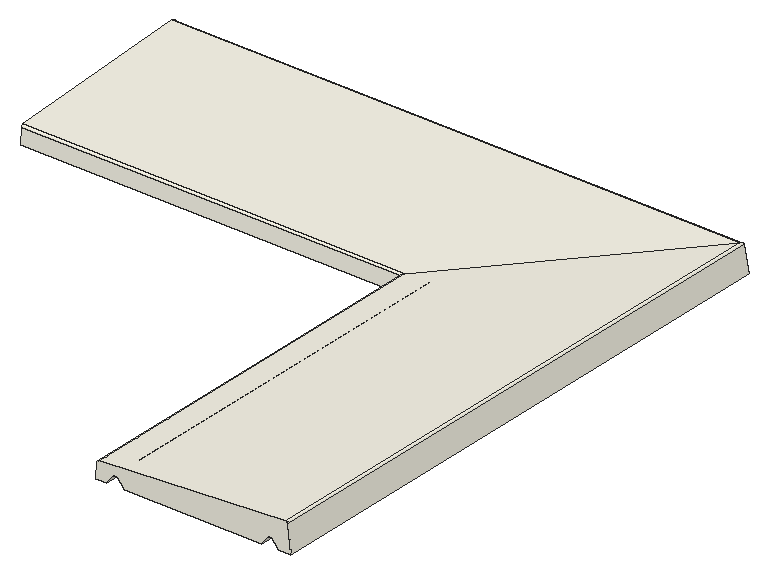
Revit family "Albardilla MB escuadra INT. C-1", category Modelos genéricos, Revit 2020
Family settings
  Puede alojar armadura = No
  Cota de conector redondo = Diámetro de uso
  Tipo de pieza = Normal
  Se basa en plano de trabajo = No
  Siempre vertical = No
  Corte con vacíos al cargar = No
  Compartido = No
  Punto de cálculo de habitación = No
Parameters (values of type "MB12EI")
  Dist. primer anclaje +30 = 150 mm - (Ancho / 10)  # 138 mm
  Descripción = "Pieza de hormigón polímero con anclajes de acero inoxidable"
  Anclajes = (Ancho total / 2)  # 85 mm
  Ancho escuadra = if(Ancho > 500 mm, 535 mm, 500 mm)  # 500 mm
  Ancho dos dist. = (Ancho total / 4)  # 42.5 mm
  Ancho dos = Ancho total / 2  # 85 mm
  Visible una linea = if(Ancho > 290 mm, 2 = 3, 2 = 2)  # yes
  Visible dos líneas = if(Ancho > 290 mm, 2 = 2, 2 = 3)  # no
  URL = "https://www.ulmaarchitectural.com/es-es"
  Modelo = "Albardilla MB12 en escuadra interior"
  Material = Hormigón polímero STONEO. Color C-1
  Fabricante = "ULMA Architectural Solutions"
  Elevación por defecto = 0 mm
  Dist. entre anclajes [instance] = 440 mm  # constant formula
  Dist primer anclaje [instance] = 150 mm  # constant formula
  Código de montaje = "MB12EI"
  Ancho total = Ancho + 50 mm  # 170 mm
  Ancho = 120 mm
Types (11, lengths in mm): name | Dist. primer anclaje +30 | Anclajes | Ancho dos dist. | Ancho dos | Visible una linea | Visible dos líneas | Modelo | Código de montaje | Ancho total | Ancho
  (no name) | 138 | 85 | 42.5 | 85 | yes | no | "Albardilla MB12 en escuadra interior" | "MB12EI" | 170 | 120
  MB12EI | 138 | 85 | 42.5 | 85 | yes | no | "Albardilla MB12 en escuadra interior" | "MB12EI" | 170 | 120
  MB14EI | 136 | 95 | 47.5 | 95 | yes | no | "Albardilla MB14 en escuadra interior" | "MB14EI" | 190 | 140
  MB17EI | 133 | 110 | 55 | 110 | yes | no | "Albardilla MB17 en escuadra interior" | "MB17EI" | 220 | 170
  MB19EI | 131 | 120 | 60 | 120 | yes | no | "Albardilla MB19 en escuadra interior" | "MB19EI" | 240 | 190
  MB22EI | 128 | 135 | 67.5 | 135 | yes | no | "Albardilla MB22 en escuadra interior" | "MB22EI" | 270 | 220
  MB25EI | 125 | 150 | 75 | 150 | yes | no | "Albardilla MB25 en escuadra interior" | "MB25EI" | 300 | 250
  MB30EI | 120 | 175 | 87.5 | 175 | no | yes | "Albardilla MB30 en escuadra interior" | "MB30EI" | 350 | 300
  MB35EI | 115 | 200 | 100 | 200 | no | yes | "Albardilla MB35 en escuadra interior" | "MB35EI" | 400 | 350
  MB40EI | 110 | 225 | 112.5 | 225 | no | yes | "Albardilla MB40 en escuadra interior" | "MB40EI" | 450 | 400
  MB27EI | 123 | 160 | 80 | 160 | yes | no | "Albardilla MB27 en escuadra interior" | "MB27EI" | 320 | 270
Reference planes
  plane 1 "Centro (Frontal/Posterior)": y = 0
  plane 2: z = 0
  plane 3 "Centro (Izquierda/Derecha)": x = 0
  plane 4: y = -85
  plane 5: x = -85
  plane 6: y = -42.5
  plane 7: y = -85
  plane 8: x = -127.5
  plane 9: x = -42.5
Forms (mm)
  Sweep 1, solid, material "Hormigón polímero STONEO. Color C-1" <- "Material"
    path origin (0, 0, 0) x (1, 0, 0) y (0, 1, 0)
      loop
        line (0, -500) -> (0, 0) -> (-500, 0)
    profile origin (0, -250, 0) x (-1, 0, 0) y (0, 0, 1)
      loop
        line (0, 0) -> (10, 0) -> (15.95, 7.298)
        arc (15.95, 7.298) -> (17.5, 8.035) -> (19.05, 7.298) r 2
        line (19.05, 7.298) -> (25, 0) -> (145, 0) -> (150.95, 7.298)
        arc (150.95, 7.298) -> (152.5, 8.035) -> (154.05, 7.298) r 2
        line (154.05, 7.298) -> (160, 0) -> (170, 0) -> (168.842, 13.235)
        arc (168.842, 13.235) -> (168.226, 14.512) -> (166.917, 15.06) r 2
        line (166.917, 15.06) -> (4.082, 24.936)
        arc (4.082, 24.936) -> (2.688, 24.434) -> (2.022, 23.112) r 2
        line (2.022, 23.112) -> (0, 0)
Dimensions and locks
  "Ancho escuadra": Sweep 1 sketch curve to plane 3 "Centro (Izquierda/Derecha)"
  "Ancho escuadra": Sweep 1 sketch curve to plane 1 "Centro (Frontal/Posterior)"
  Sweep 1 sketch curve to profile plane = 8.035 mm  (x2)
  profile plane to Sweep 1 sketch curve to Sweep 1 sketch curve = 10 mm, 15 mm
  "Anclajes": plane 1 "Centro (Frontal/Posterior)" to plane 4
  "Anclajes": plane 5 to plane 3 "Centro (Izquierda/Derecha)"
  "Dist primer anclaje": nested 1 to Sweep 1
  "Dist primer anclaje": Sweep 1 to nested 2
  "Ancho dos dist.": plane 6 to plane 7
  "Ancho dos": plane 8 to plane 9
  "Ancho dos dist.": plane 1 "Centro (Frontal/Posterior)" to plane 6
  "Ancho dos dist.": plane 9 to plane 3 "Centro (Izquierda/Derecha)"
  "Dist. primer anclaje +30": nested 3 to Sweep 1
  "Dist. primer anclaje +30": nested 4 to Sweep 1
  "Dist. primer anclaje +30": Sweep 1 to nested 7
  "Dist. primer anclaje +30": Sweep 1 to nested 8
  Sweep 1 sketch curve to Sweep 1 sketch curve to Sweep 1 sketch curve = 10 mm, 15 mm
  "Ancho total": profile plane to Sweep 1 sketch curve
  Sweep 1 sketch curve to profile plane = 13.235 mm
  Sweep 1 sketch curve to profile plane = 23.112 mm
  radius of Sweep 1 sketch curve = 2 mm  (x2)
  angle profile plane to Sweep 1 sketch curve = 85.00°
  angle Sweep 1 sketch curve to profile plane = 85.00°
  aligned and locked: level to plane 2
  aligned and locked: Sweep 1 sketch curve to plane 1 "Centro (Frontal/Posterior)"
  aligned and locked: plane 3 "Centro (Izquierda/Derecha)" to Sweep 1 sketch curve
  aligned and locked: profile plane to Sweep 1 sketch curve  (x2)
  aligned and locked: plane 4 to nested 2
  aligned and locked: plane 5 to nested 1
  aligned and locked: plane 9 to nested 3
  aligned and locked: plane 8 to nested 4
  aligned and locked: plane 9 to nested 6
  aligned and locked: nested 6 to plane 4
  aligned and locked: nested 5 to plane 4
  aligned and locked: plane 7 to nested 8
  aligned and locked: plane 6 to nested 7
  aligned and locked: plane 5 to nested 5
  aligned and locked: level to nested 3
  aligned and locked: level to nested 5
  aligned and locked: level to nested 6
  aligned and locked: level to nested 4
  aligned and locked: level to nested 8
  aligned and locked: level to nested 7
Automatic sketch dimensions
  Sweep 1 sketch curve to level = 0 mm  (x2)
  level to Sweep 1 sketch curve = 7.298 mm  (x4)
  Sweep 1 sketch curve to Sweep 1 sketch curve = 5.95 mm  (x2)
  Sweep 1 sketch curve to Sweep 1 sketch curve = 1.55 mm  (x2)
  Sweep 1 sketch curve to Sweep 1 sketch curve = 0.174 mm  (x2)
  Sweep 1 sketch curve to Sweep 1 sketch curve = 0.067 mm  (x2)
Nested families
  nested 1: "Anclaje imposta" at (-85, -350, 0), visible <- "Visible una linea", type "Anclaje inoxidable estándar"
  nested 2: "Anclaje imposta" at (-350, -85, 0) x (0, 1, 0) z (0, 0, 1), visible <- "Visible una linea", type "Anclaje inoxidable estándar"
  nested 3: "Anclaje imposta" at (-42.5, -362, 0), visible <- "Visible dos líneas", type "Anclaje inoxidable estándar"
  nested 4: "Anclaje imposta" at (-127.5, -362, 0), visible <- "Visible dos líneas", type "Anclaje inoxidable estándar"
  nested 5: "Anclaje imposta" at (-85, -85, 0), type "Anclaje inoxidable estándar"
  nested 6: "Anclaje imposta" at (-42.5, -85, 0), visible <- "Visible dos líneas", type "Anclaje inoxidable estándar"
  nested 7: "Anclaje imposta" at (-362, -42.5, 0) x (0, 1, 0) z (0, 0, 1), visible <- "Visible dos líneas", type "Anclaje inoxidable estándar"
  nested 8: "Anclaje imposta" at (-362, -85, 0) x (0, 1, 0) z (0, 0, 1), visible <- "Visible dos líneas", type "Anclaje inoxidable estándar"
Definition of nested family "Anclaje imposta"
  Parameters (values of type "Anclaje inoxidable estándar")
    URL = "https://www.ulmaarchitectural.com/es-es"
    Model = "Sujeción anclaje inoxidable estándar SPE"
    Material = none
    Manufacturer = "ULMA"
    Default Elevation = 0 mm
    Assembly Code = "901250015"
  Reference planes
    plane 1 "Centro (Frontal/Posterior)": y = 0
    plane 2: z = 0
    plane 3 "Centro (Izquierda/Derecha)": x = 0
  Dimensions and locks
    equal spacing: import instance, plane 3 "Centro (Izquierda/Derecha)", import instance
    aligned and locked: level to plane 2
    aligned and locked: level to import instance
